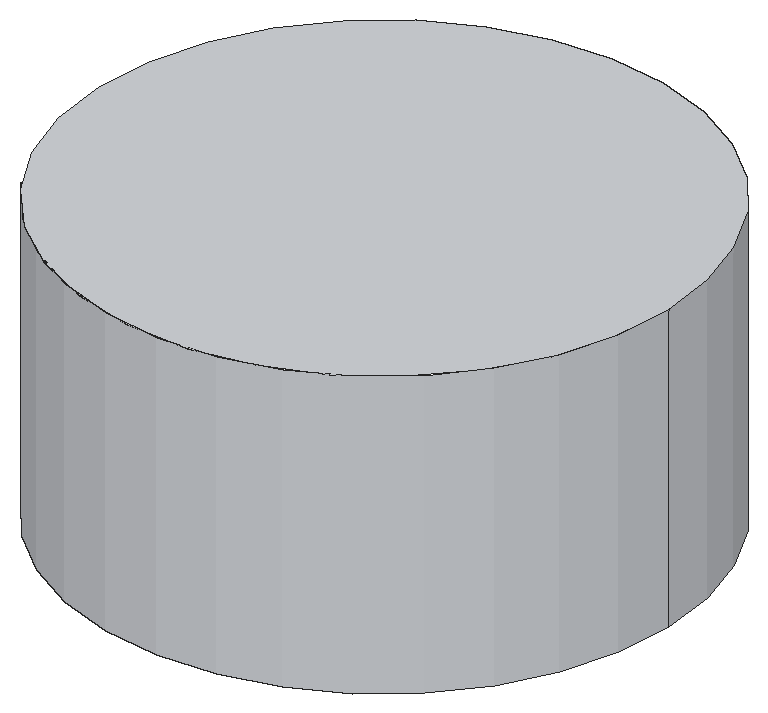
Revit family "ASF-12-C2", category Mechanical Equipment, Revit 2023
Family settings
  Round Connector Dimension = Use Diameter
  Classification = None
  Part Type = Normal
  OmniClass Number = 23.75.00.00
  OmniClass Title = Climate Control (HVAC)
  Work Plane-Based = No
  Always vertical = Yes
  Cut with Voids When Loaded = No
  Maintain Annotation Orientation = No
  Shared = No
  Room Calculation Point = No
Parameters (values of type "Standard")
  Volume = 0.077017 CF
  Title = "Aura Solar Attic Fan - 12\" Diameter, 2\" Tall Collar"
  Subject = "ASF-12-C2"
  Requested Accuracy = "Low"
  Part Number = "ASF-12-C2"
  Mass = 12.6614 lbm
  Designer = "CAD Machine"
  Design State = 1
  Density = 164.397 lb/ft³
  Default Elevation = 0' - 0"
  Creation Date = "11/15/2022"
  Connector_1_Diameter = 0' - 11 3/4"
  Center of Gravity = "X: -0.094 in Y: -2.125 in Z: -0.010 in"
  Author = "CAD Machine"
  Area = 27.0185 SF
Reference planes (in)
  plane 1 "Center (Front/Back)": y = 0
  plane 2: z = 0
  plane 3 "Center (Left/Right)": x = 0
Forms (in)
  Extrusion 1, solid
    sketch origin (0, 0, -10.46769) x (1, 0, 0) y (0, 1, 0)
      loop
        circle (0, 0) r 0.12
    from 0 to -0.12
Dimensions and locks (in)
  aligned and locked: plane 2 to level
Connectors (in)
  hvac at (0, 0, -10.46769), driven by "Connector_1_Diameter"
    settings: on Extrusion 1, index 1, duct flow 0 CFM, flow factor 0, pres drop 0.00 in-wg, loss coef 0, conn angle 0.00°, conn width 12", conn height 12", conn diameter 11 3/4", duct sys type 3, conn prof type 0, flow config 1, flow direction 1, loss method 0, conn ref index -1, conn util no, is conn primary yes, conn desc ""
